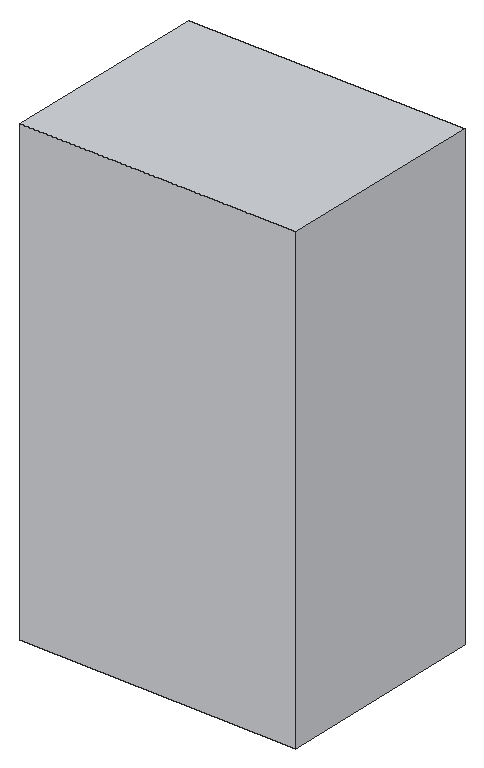
Revit family
Parameters
  Warranty Duration (Years) = 0
  Unit Width [instance] = 1' - 8 177/256"
  Unit Height [instance] = 0' - 9 99/256"
  Unit Depth = 0' - 0"
  URL = "http://www.americanspecialties.com/viewCategories.cfm"
  Trim Material = Metal - Stainless Steel
  Test Data = ""
  Specification = "http://www.arcat.com/sdspecs/htm/10810asi.htm"
  SpecWizard = ""
  Send Message = "http://www.arcat.com/users.pl?action=UserEmail&company=American%20Specialties,%20Inc.&coid=30448&rep=139&fax=914-476-0688&mf="
  Sales Information = "http://www.americanspecialties.com/contact"
  Revision = "R1_10-2010"
  Product Properties = "http://www.americanspecialties.com/datasheets/0318A.pdf"
  Product Data = "http://www.arcat.com/arcatcos/cos30/arc30448.html"
  Model = "As Specified in 10 28 13"
  Manufacturer Website = "http://www.americanspecialties.com/viewCategories.cfm"
  Manufacturer Phone - Toll Free = ""
  Manufacturer Phone = "914-476-9000 "
  Manufacturer Fax = "914-476-0688"
  Manufacturer Address = "441 Saw Mill River Rd., Yonkers, NY 10701"
  Manufacturer = "American Specialties, Inc."
  Maintenance Schedule (Months) = 0
  Keynote = "10 28 13"
  Installation-Fabrication = "http://www.americanspecialties.com/products.cfm"
  Green Building-LEED = ""
  Expected Lifespan (Years) = 0
  Drawn By = "Robert S. Weygant. CSI, CDT, SCIP"  # constant formula
  Description = "Toilet Accessory as Specified in 10 28 13"
  Default Elevation = 4' - 0"
  Copyright = "©Arcat Inc."
  Construction Details = "http://www.arcat.com/green/clients/leed_data_30448.html"
  Building Codes = "http://www.americanspecialties.com/products.cfm"
  Body Material = Metal - Stainless Steel
  Assembly Code = "C1030210"
Reference planes (in)
  plane 1 "Center (Front/Back)": y = -0.29112
  plane 2 "Floor Line": z = 0
  plane 3 "Center (Left/Right)": x = -0.65843
Forms (in)
  Extrusion 1, solid
    sketch origin (-3, -9, -6) x (0, 0, -1) y (1, 0, 0)
      loop
        line (-82, 26) -> (-82, -19.34712) -> (-6, -19.34712) -> (-6, 26) -> (-82, 26)
    from 9 to -25.60721
  Extrusion 2, solid, material "Metal - Stainless Steel" <- "Body Material"
    sketch origin (-0.65843, -42.16148, 13.93253) x (0, 0, 1) y (0, 1, 0)
      loop
        line (-9.68253, 41.87036) -> (-13.73685, 41.87036) -> (-13.73685, 42.63572) -> (-13.93253, 42.63572) -> (-13.93253, 39.30786) -> (-9.68253, 39.30786) -> (-9.68253, 41.87036)
    from -8 to 8
  Extrusion 3, solid, material "Metal - Stainless Steel" <- "Body Material"
    sketch origin (-0.65843, -42.16148, 13.93253) x (0, 0, 1) y (0, 1, 0)
      loop
        line (-13.73685, 41.87036) -> (-8.87003, 41.87036) -> (-8.87003, 42.74536) -> (-13.73685, 42.74536) -> (-13.73685, 41.87036)
    from -8.6875 to 8.6875
  Revolve 4, solid, material "Metal - Stainless Steel" <- "Trim Material"
    sketch origin (-6.15843, -54.48448, 6.45888) x (0, 0, -1) y (0, 1, 0)
      loop
        line (-0.29112, 52.69336) -> (3.95888, 52.69336) -> (3.95888, 52.93631) -> (2.45888, 52.93631) -> (2.45888, 53.05717) -> (2.20888, 53.05717) -> (2.20888, 53.15248) -> (2.03197, 53.15248) -> (2.03197, 53.05717) -> (0.70253, 53.05717) -> (0.70253, 52.93631) -> (-0.09921, 52.93631) -> (-0.09921, 53.05717) -> (-0.29112, 53.05717) -> (-0.29112, 52.69336)
      axis (3.95888, 52.69336) -> (-0.29112, 52.69336)
    angle from 0 to 360
  Revolve 5, solid, material "Metal - Stainless Steel" <- "Body Material"
    sketch origin (-6.15843, -54.48448, 6.45888) x (0, 0, -1) y (0, 1, 0)
      loop
        line (3.95888, 52.53559) -> (3.83077, 52.53559) -> (3.83077, 51.91423) -> (3.89705, 51.91423) -> (3.91774, 51.9658) -> (3.88192, 51.9658) -> (3.88192, 52.16449) -> (3.92029, 52.16449) -> (3.92029, 52.23697) -> (3.95888, 52.23697) -> (3.95888, 52.53559)
      axis (3.83077, 51.91423) -> (3.83077, 52.53559)
    angle from 0 to 360
  Revolve 6, solid, material "Metal - Stainless Steel" <- "Body Material"
    sketch origin (-6.15843, -54.5013, 6.28786) x (0, 0, -1) y (0, 1, 0)
      loop
        line (-0.09921, 52.50253) -> (-0.09921, 52.31658) -> (-0.05855, 52.31658) -> (-0.02577, 52.50253) -> (-0.09921, 52.50253)
      axis (-0.09921, 52.50253) -> (-0.09921, 52.31658)
    angle from 0 to 360
  Revolve 7, solid, material "Metal - Stainless Steel" <- "Body Material"
    sketch origin (-6.15843, -54.48448, 6.10725) x (0, 0, -1) y (0, 1, 0)
      loop
        line (0.70253, 52.42002) -> (0.70253, 52.26801) -> (0.82221, 52.26801) -> (0.82221, 52.42002) -> (0.70253, 52.42002)
      axis (0.70253, 52.42002) -> (0.70253, 52.26801)
    angle from 0 to 360
  Revolve 8, solid, material "Metal - Stainless Steel" <- "Trim Material"
    sketch origin (4.84157, -54.48448, 6.45888) x (0, 0, -1) y (0, 1, 0)
      loop
        line (-0.29112, 52.69336) -> (3.95888, 52.69336) -> (3.95888, 52.93631) -> (2.45888, 52.93631) -> (2.45888, 53.05717) -> (2.20888, 53.05717) -> (2.20888, 53.15248) -> (2.03197, 53.15248) -> (2.03197, 53.05717) -> (0.70253, 53.05717) -> (0.70253, 52.93631) -> (-0.09921, 52.93631) -> (-0.09921, 53.05717) -> (-0.29112, 53.05717) -> (-0.29112, 52.69336)
      axis (3.95888, 52.69336) -> (-0.29112, 52.69336)
    angle from 0 to 360
  Revolve 9, solid, material "Metal - Stainless Steel" <- "Body Material"
    sketch origin (4.84157, -54.48448, 6.45888) x (0, 0, -1) y (0, 1, 0)
      loop
        line (3.95888, 52.53559) -> (3.83077, 52.53559) -> (3.83077, 51.91423) -> (3.89705, 51.91423) -> (3.91774, 51.9658) -> (3.88192, 51.9658) -> (3.88192, 52.16449) -> (3.92029, 52.16449) -> (3.92029, 52.23697) -> (3.95888, 52.23697) -> (3.95888, 52.53559)
      axis (3.83077, 51.91423) -> (3.83077, 52.53559)
    angle from 0 to 360
  Revolve 10, solid, material "Metal - Stainless Steel" <- "Body Material"
    sketch origin (4.84157, -54.5013, 6.28786) x (0, 0, -1) y (0, 1, 0)
      loop
        line (-0.09921, 52.50253) -> (-0.09921, 52.31658) -> (-0.05855, 52.31658) -> (-0.02577, 52.50253) -> (-0.09921, 52.50253)
      axis (-0.09921, 52.50253) -> (-0.09921, 52.31658)
    angle from 0 to 360
  Revolve 11, solid, material "Metal - Stainless Steel" <- "Body Material"
    sketch origin (4.84157, -54.48448, 6.10725) x (0, 0, -1) y (0, 1, 0)
      loop
        line (0.70253, 52.42002) -> (0.70253, 52.26801) -> (0.82221, 52.26801) -> (0.82221, 52.42002) -> (0.70253, 52.42002)
      axis (0.70253, 52.42002) -> (0.70253, 52.26801)
    angle from 0 to 360
Dimensions and locks (in)
  aligned and locked: Extrusion 1 to level
